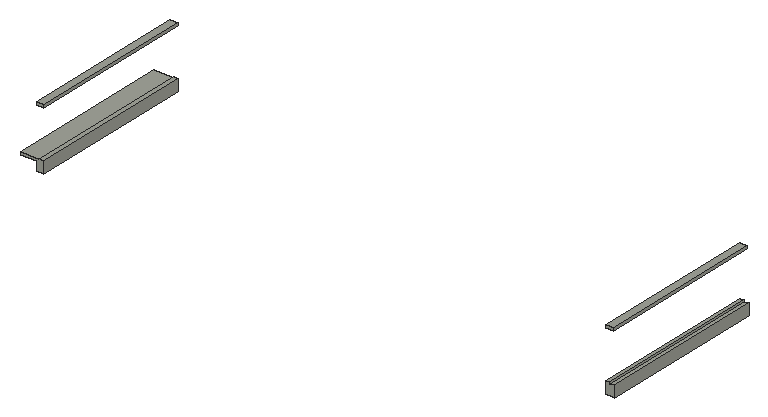
Revit family "CT_Bloco_D_Perfil", category Structural Framing, Revit 2025
Family settings
  Display in Hidden Views = Edges Hidden by Other Members
  Structural Framing Length Roundoff = 0.000 m
  Section Shape = Not Defined
  Material for Model Behavior = Concrete
  Always export as geometry = No
  Work Plane-Based = No
  Always vertical = Yes
  Cut with Voids When Loaded = Yes
  Symbolic Representation = From Family
  Shared = No
  Show family pre-cut in plan views = Yes
Parameters
  Structural Material [instance] = CT_Concreto
  Material_Viga_Janela [instance] = CT_Concreto
  Comprimento [instance] = 7.500 m
Reference planes (m)
  plane 1 "Centro (Frente/Trás)": y = 0
  plane 2: z = 0
  plane 3 "Centro (Esquerda/Direita)": x = 0
  plane 4: x = -15.9999
  plane 5: x = 9.1749
  plane 6: x = -5.2749
  plane 7: x = -2.2249
  plane 8: z = 4.76
  plane 9: z = 9.16
Forms (m)
  Extrusion 1, solid, material "CT_Concreto" <- "Structural Material"
    sketch origin (0, 0, 0.06) x (1, 0, 0) y (0, 0, 1)
      loop
        line (-15.9999, 4.7) -> (-16.1999, 4.7) -> (-16.1999, 4.65) -> (-17.0749, 4.65) -> (-17.0749, 4.55) -> (-16.3499, 4.55) -> (-16.3499, 4.19) -> (-16.3499, 4.15) -> (-15.9999, 4.15) -> (-15.9999, 4.7)
      loop
        line (9.5749, 4.15) -> (9.5749, 4.65) -> (9.3749, 4.65) -> (9.3749, 4.7) -> (9.1749, 4.7) -> (9.1749, 4.15) -> (9.5749, 4.15)
    from 0 to 7.5
  Extrusion 2, solid, material "CT_Concreto" <- "Material_Viga_Janela"
    sketch origin (0, 0, 0.06) x (1, 0, 0) y (0, 0, 1)
      loop
        line (-15.9999, 6.92) -> (-16.3499, 6.92) -> (-16.3499, 6.82) -> (-15.9999, 6.82) -> (-15.9999, 6.92)
      loop
        line (9.5249, 6.92) -> (9.1749, 6.92) -> (9.1749, 6.82) -> (9.5249, 6.82) -> (9.5249, 6.92)
    from 0 to 7.5
Dimensions and locks (m)
  locked: plane 5 to plane 4 at 25.1748
  locked: plane 8 to level at 4.76
  locked: plane 9 to plane 8 at 4.4
  aligned and locked: level to plane 2
  aligned and locked: Extrusion 2 to Extrusion 1  (x3)
  aligned and locked: Extrusion 1 to Extrusion 2
